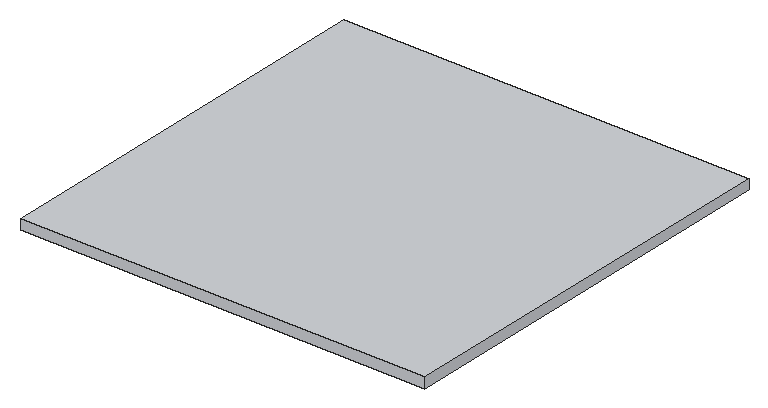
Revit family "8654000", category Aparatos sanitarios, Revit 2017
Family settings
  Anfitrión = Cara
  Cota de conector redondo = Diámetro de uso
  Tipo de pieza = Normal
  Número OmniClass = 23.45.55.14
  Título OmniClass = Single Faucets
  Corte con vacíos al cargar = No
  Compartido = No
  Punto de cálculo de habitación = No
Parameters (values of type "8654000")
  URL = "http://www.griferiasgalindo.com"
  Teléfono = "(+34) 915 782 575"
  TIPO DE AGUA = "Fria/Caliente"
  REFERENCIA = "8654000"
  Presión Máxima = "8 bar"
  PESO BRUTO = ""
  Modelo = "GRIFO DE LAVABO con desagüe"
  Material = LATON CROMADO
  Imagen de tipo = <Ninguno>
  Fabricante = "PRESTO IBÉRICA"
  Default Elevation = 1219.2 mm
  ENTRADA = "Latiguillos de 3/8\""
  Descripción = "Monomando lavabo"
  Código de montaje = "C1030220"
  Contacto = "info@prestoiberica.com"
  Conexión AF = yes
  Conexión AC = yes
  Comentarios de tipo = "Cartucho sellado mezclador con discos cerámicos de Ø 35 mm.  Suministrado con latiguillos flexibles de 3/8\" y longitud de 45 cm."
  CIERRE = "Manual"
  CAUDAL = ""
  Accionamiento = "Mediante maneta"
Reference planes
  plane 1 "Centro (Frontal/Posterior)": y = 0
  plane 2: z = 0
  plane 3 "Centro (Izquierda/Derecha)": x = 0
Forms (mm)
  Extrusion 1, solid
    sketch origin (0, 0, 0) x (1, 0, 0) y (0, 1, 0)
      loop
        line (-100, 100) -> (-100, -100) -> (100, -100) -> (100, 100) -> (-100, 100)
    from 0 to -5
Dimensions and locks
  Extrusion 1 sketch curve to plane 1 "Centro (Frontal/Posterior)" = 100 mm
  aligned and locked: plane 2 to Extrusion 1
  aligned and locked: level to Extrusion 1
Connectors
  piping at (0, 0, -4), diameter 9.5
    settings: on import instance, index 1, connector inside diameter 609.6 mm, connector length 0 mm, flow factor 0, pipe flow 0.0 L/s, pressure drop 0.0 Pa, fitting loss kfactor 0, connector angle 0.00°, fixture units 0, engagement length 0 mm, angle of deflection 0.00°, flow configuration 0, flow direction 1, fitting loss method 0, system type 7, joint type 0, gender type 0, connector reference index -1, connector utility 0, adjustable connector no, is connector primary yes, connector description ""
